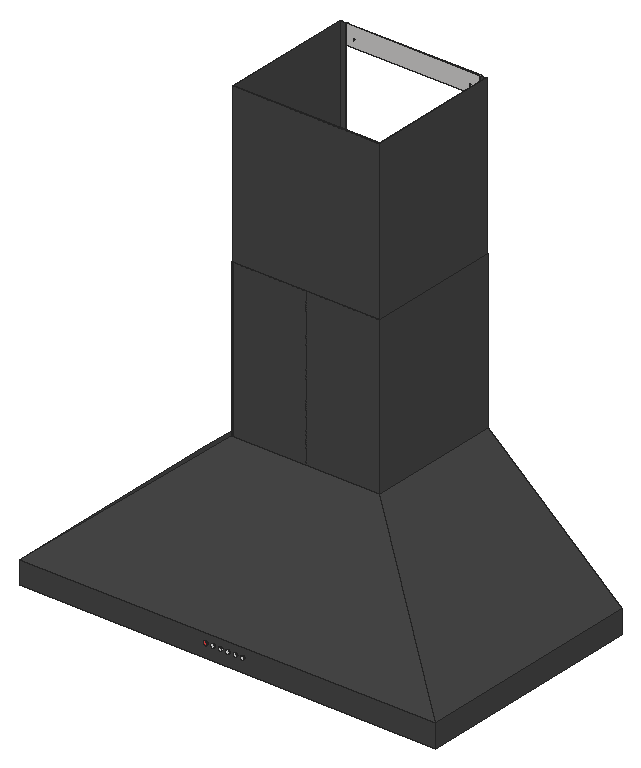
Revit family "FP_Revit_18_HC36PCB1_Rangehood_90001879A", category Specialty Equipment, Revit 2018
Family settings
  Round Connector Dimension = Use Diameter
  Part Type = Normal
  OmniClass Number = 23.40.40.00
  OmniClass Title = Food Service Equipment and Furnishings
  Work Plane-Based = No
  Always vertical = Yes
  Cut with Voids When Loaded = Yes
  Shared = No
  Room Calculation Point = No
Parameters (values of type "HC36PCB1")
  Visibility - Upper Chimney Extension [instance] = yes
  URL = "www.fisherpaykel.com"
  Product - Width = 898 mm  # constant formula
  Product - Height (636mm - 975mm) Ducted [instance] = 975 mm
  Product - Depth = 500 mm  # constant formula
  Model = "HC36PCB1"
  Material - COLOUR CHANGE = Fisher & Paykel - Black
  Material - Buttons and Dials = Fisher & Paykel - Steel, Chrome Plated
  Material - Body = Fisher & Paykel - Stainless Steel
  Manufacturer = "Fisher & Paykel Appliances"
  FFL Offset [instance] = 1565 mm
  Description = "36\" Rangehood"
  Connector Description - Extraction = "6” (152 mm) diameter, rigid or semi-rigid ducting, 600 CFM"
  Connector Description - Electrical = "120 V, 60 Hz"
  Chassis - Width = 320 mm  # constant formula
  Chassis - Height = 298 mm  # constant formula
  Chassis - Depth = 290 mm  # constant formula
Types (5, lengths in mm): name | Model | Material - COLOUR CHANGE
  (no name) | "HC36PCB1" | Fisher & Paykel - Black
  HC36PCB1 | "HC36PCB1" | Fisher & Paykel - Black
  HC36PCR1 | "HC36PCR1" | Fisher & Paykel - Red
  HC36PCX1 | "HC36PCX1" | Fisher & Paykel - Stainless Steel
  HC36PCW1 | "HC36PCW1" | Fisher & Paykel - White
Reference planes
  plane 1 "Datum": y = 0
  plane 2: z = 0
  plane 3 "Center (Left/Right)": x = 0
  plane 4 "Product - Height": z = 2540
  plane 5 "Product LHS": x = -449
  plane 6 "Product RHS": x = 449
  plane 7 "Product - Depth": y = -500
  plane 8 "Cavity LHS": x = -160
  plane 9 "Cavity RHS": x = 160
  plane 10 "Chassis - Depth": y = -290
  plane 11 "FFL Offset": z = 1565
  plane 12 "Chassis - Height": z = 1863
Forms (mm)
  Extrusion 1, solid, material "Fisher & Paykel - Black" <- "Material - COLOUR CHANGE"
    sketch origin (0, 0, 0) x (1, 0, 0) y (0, 1, 0)
      loop
        line (-145, 0) -> (-160, 0) -> (-160, -290) -> (0, -290) -> (160, -290) -> (160, 0) -> (145, 0) -> (145, -1) -> (159, -1) -> (159, -289) -> (-159, -289) -> (-159, -1) -> (-145, -1) -> (-145, 0)
    from 1863 to 2200
  Extrusion 2, solid, material "Fisher & Paykel - Black" <- "Material - COLOUR CHANGE", visible <- "Visibility - Upper Chimney Extension"
    sketch origin (0, 0, 0) x (1, 0, 0) y (0, 1, 0)
      loop
        line (-158, -2) -> (-145, -2) -> (-145, -1) -> (-159, -1) -> (-159, -289) -> (159, -289) -> (159, -1) -> (145, -1) -> (145, -2) -> (158, -2) -> (158, -288.044) -> (-158, -288.044) -> (-158, -2)
    from 2190 to 2540
  Extrusion 3, solid, material "Fisher & Paykel - Stainless Steel" <- "Material - Body"
    sketch origin (0, 0, 0) x (1, 0, 0) y (0, 1, 0)
      loop
        circle (0, -87.6) r 75
      loop
        circle (0, -87.6) r 74
    from 1850 to 1897.007
  Extrusion 4, solid, material "Fisher & Paykel - Stainless Steel" <- "Material - Body", visible <- "Visibility - Upper Chimney Extension"
    sketch origin (0, 0, 7) x (1, 0, 0) y (0, 0, 1)
      loop
        line (-145, 2491.596) -> (145, 2491.596) -> (145, 2533) -> (-145, 2533) -> (-145, 2491.596)
      loop
        circle (125, 2508) r 2.5
      loop
        circle (-125, 2508) r 2.5
    from 0 to 2
  Extrusion 5, solid, material "Fisher & Paykel - Steel, Chrome Plated" <- "Material - Buttons and Dials", detail levels fine
    sketch origin (0, 0, 565) x (1, 0, 0) y (0, 0, 1)
      loop
        circle (-32, 1029.1) r 3.958
      loop
        circle (-16, 1029.1) r 3.958
      loop
        circle (0, 1029.1) r 3.958
      loop
        circle (16, 1029.1) r 3.958
      loop
        circle (32, 1029.1) r 3.958
    from 501 to 500
  Extrusion 6, void
    sketch origin (0, 0, 0) x (1, 0, 0) y (0, 1, 0)
      loop
        line (-427.4, -479.9) -> (427.4, -479.9) -> (427.4, -89.9) -> (-427.4, -89.9) -> (-427.4, -479.9)
      loop
        circle (-207.5, -42) r 25
      loop
        circle (207.5, -42) r 25
    from 1565 to 1574
  Extrusion 7, solid, material "Fisher & Paykel - Stainless Steel" <- "Material - Body", detail levels fine
    sketch origin (0, 0, 0) x (1, 0, 0) y (0, 1, 0)
      loop
        line (142.7, -89.9) -> (142.7, -479.9) -> (427.4, -479.9) -> (427.4, -89.9) -> (142.7, -89.9)
      loop
        line (417.55, -469.9) -> (417.55, -99.9) -> (152.2, -99.9) -> (152.2, -469.9) -> (252.55, -469.9) -> (252.55, -409.9) -> (317.55, -409.9) -> (317.55, -469.9) -> (417.55, -469.9)
      loop
        line (269.45, -428.3) -> (269.45, -468.3) -> (300.65, -468.3) -> (300.65, -428.3) -> (269.45, -428.3)
      loop
        line (274.65, -433.5) -> (274.65, -463.1) -> (295.45, -463.1) -> (295.45, -433.5) -> (274.65, -433.5)
      loop
        line (274.85, -442.6) -> (274.85, -462.9) -> (295.25, -462.9) -> (295.25, -442.6) -> (274.85, -442.6)
      loop
        line (-142.7, -89.9) -> (-427.4, -89.9) -> (-427.4, -479.9) -> (-142.7, -479.9) -> (-142.7, -89.9)
      loop
        line (-417.55, -469.9) -> (-317.55, -469.9) -> (-317.55, -409.9) -> (-252.55, -409.9) -> (-252.55, -469.9) -> (-152.2, -469.9) -> (-152.2, -99.9) -> (-417.55, -99.9) -> (-417.55, -469.9)
      loop
        line (-269.45, -428.3) -> (-300.65, -428.3) -> (-300.65, -468.3) -> (-269.45, -468.3) -> (-269.45, -428.3)
      loop
        line (-274.65, -433.5) -> (-295.45, -433.5) -> (-295.45, -463.1) -> (-274.65, -463.1) -> (-274.65, -433.5)
      loop
        line (-274.85, -442.6) -> (-295.25, -442.6) -> (-295.25, -462.9) -> (-274.85, -462.9) -> (-274.85, -442.6)
      loop
        line (-142.35, -89.9) -> (-142.35, -479.9) -> (142.35, -479.9) -> (142.35, -89.9) -> (-142.35, -89.9)
      loop
        line (132.5, -469.9) -> (132.5, -99.9) -> (-132.85, -99.9) -> (-132.85, -469.9) -> (-32.5, -469.9) -> (-32.5, -409.9) -> (32.5, -409.9) -> (32.5, -469.9) -> (132.5, -469.9)
      loop
        line (-15.6, -428.3) -> (-15.6, -468.3) -> (15.6, -468.3) -> (15.6, -428.3) -> (-15.6, -428.3)
      loop
        line (-10.4, -433.5) -> (-10.4, -463.1) -> (10.4, -463.1) -> (10.4, -433.5) -> (-10.4, -433.5)
      loop
        line (-10.2, -442.6) -> (-10.2, -462.9) -> (10.2, -462.9) -> (10.2, -442.6) -> (-10.2, -442.6)
      loop
        line (268.45, -427.3) -> (268.45, -469.3) -> (301.65, -469.3) -> (301.65, -427.3) -> (268.45, -427.3)
      loop
        line (-16.6, -427.3) -> (-16.6, -469.3) -> (16.6, -469.3) -> (16.6, -427.3) -> (-16.6, -427.3)
      loop
        line (-268.45, -427.3) -> (-301.65, -427.3) -> (-301.65, -469.3) -> (-268.45, -469.3) -> (-268.45, -427.3)
    from 1566 to 1574
  Extrusion 8, solid, material "Fisher & Paykel - Aluminium", detail levels medium+fine
    sketch origin (0, 0, 0) x (1, 0, 0) y (0, 1, 0)
      loop
        line (152.2, -99.9) -> (152.2, -469.9) -> (252.55, -469.9) -> (252.55, -409.9) -> (317.55, -409.9) -> (317.55, -469.9) -> (417.55, -469.9) -> (417.55, -99.9) -> (152.2, -99.9)
      loop
        line (-152.2, -99.9) -> (-417.55, -99.9) -> (-417.55, -469.9) -> (-317.55, -469.9) -> (-317.55, -409.9) -> (-252.55, -409.9) -> (-252.55, -469.9) -> (-152.2, -469.9) -> (-152.2, -99.9)
      loop
        line (-132.675, -99.9) -> (-132.675, -469.9) -> (-32.325, -469.9) -> (-32.325, -409.9) -> (32.675, -409.9) -> (32.675, -469.9) -> (132.675, -469.9) -> (132.675, -99.9) -> (-132.675, -99.9)
    from 1566 to 1574
  Extrusion 9, void
    sketch origin (0, 0, 0) x (1, 0, 0) y (0, 0, 1)
      loop
        line (-449, 1863) -> (-449, 1615) -> (-160, 1863) -> (-449, 1863)
      loop
        line (449, 1863) -> (160, 1863) -> (449, 1615) -> (449, 1863)
    from 0 to 500
  Extrusion 10, solid, material "Fisher & Paykel - Black" <- "Material - COLOUR CHANGE"
    sketch origin (0, 0, 0) x (0, 1, 0) y (0, 0, 1)
      loop
        line (-500, 1565) -> (0, 1565) -> (0, 1863) -> (-290, 1863) -> (-500, 1615) -> (-500, 1565)
    from -449 to 449
  Extrusion 11, solid, material "Fisher & Paykel - Stainless Steel" <- "Material - Body", detail levels medium+fine
    sketch origin (0, 0, 0) x (1, 0, 0) y (0, 1, 0)
      loop
        circle (90.933, -33) r 3
    from 1897.007 to 1850
  Extrusion 12, solid, material "Fisher & Paykel - Steel, Chrome Plated" <- "Material - Buttons and Dials", detail levels medium+fine
    sketch origin (0, 0, 0) x (1, 0, 0) y (0, 1, 0)
      loop
        circle (-207.5, -42) r 25
      loop
        circle (-207.5, -42) r 22
      loop
        circle (207.5, -42) r 25
      loop
        circle (207.5, -42) r 22
    from 1565 to 1574
  Extrusion 13, solid, material "Fisher & Paykel - White Bezel", detail levels fine
    sketch origin (0, 0, 0) x (1, 0, 0) y (0, 1, 0)
      loop
        circle (-207.5, -42) r 22
      loop
        circle (207.5, -42) r 22
    from 1565 to 1574
  Extrusion 14, void
    sketch origin (0, 0, 0) x (1, 0, 0) y (0, 0, 1)
      loop
        circle (254, 1612) r 2.5
      loop
        circle (125, 1859) r 2.5
      loop
        circle (-254, 1610) r 2.5
      loop
        circle (-125, 1859) r 2.5
    from 0 to 7
  Extrusion 15, solid, material "Fisher & Paykel - Stainless Steel" <- "Material - Body"
    sketch origin (0, 0, 0) x (1, 0, 0) y (0, 0, 1)
      loop
        line (-145, 2183) -> (-145, 2143) -> (145, 2143) -> (145, 2183) -> (-145, 2183)
      loop
        circle (125, 2161) r 2.5
      loop
        circle (-125, 2161) r 2.5
    from 0 to 2
  Extrusion 16, void
    sketch origin (0, 0, 0) x (1, 0, 0) y (0, 1, 0)
      loop
        line (-159, -289) -> (159, -289) -> (159, -2) -> (-159, -2) -> (-159, -289)
    from 1850 to 1863
  Extrusion 17, solid, material "Fisher & Paykel - Bezel Red", detail levels fine
    sketch origin (0, 0, 0) x (1, 0, 0) y (0, 0, 1)
      loop
        circle (-48, 1594.1) r 4.044
    from 500 to 501
Cuts and joins
  Extrusion 6, Extrusion 9, Extrusion 14, Extrusion 16 cuts Extrusion 10
  joined: Extrusion 1, Extrusion 10
  Extrusion 14 cuts Extrusion 4
  Extrusion 14 cuts Extrusion 15
Text (mm)
  text "Due to ongoing product development, product details are subject to change without notice. \nPlease always refer to www.fisherpaykel.com for the most current product information. \n© Fisher & Paykel 2020" at (41.04, -1225.549, 0), in view "Ref. Level (Plan)"
Dimensions and locks
  equal spacing: plane 5 "Product LHS", plane 3 "Center (Left/Right)", plane 6 "Product RHS"
  equal spacing: plane 8 "Cavity LHS", plane 3 "Center (Left/Right)", plane 9 "Cavity RHS"
  "Chassis - Width": plane 8 "Cavity LHS" to plane 9 "Cavity RHS"
  locked: Extrusion 1 sketch curve to Extrusion 1 sketch curve at 1  (x3)
  "FFL Offset": plane 11 "FFL Offset" to level
  "Product - Height (636mm - 975mm) Ducted": plane 4 "Product - Height" to plane 11 "FFL Offset"
  locked: Extrusion 8 to plane 11 "FFL Offset" at 9
  locked: Extrusion 7 to plane 11 "FFL Offset" at 1
  locked: Extrusion 1 to plane 11 "FFL Offset" at 635
  "Chassis - Depth": plane 10 "Chassis - Depth" to plane 1 "Datum"
  "Product - Width": plane 5 "Product LHS" to plane 6 "Product RHS"
  "Product - Depth": plane 1 "Datum" to plane 7 "Product - Depth"
  "Chassis - Height": plane 12 "Chassis - Height" to plane 11 "FFL Offset"
  locked: plane 11 "FFL Offset" to Extrusion 14 sketch curve at 294
  locked: plane 4 "Product - Height" to Extrusion 2 at 350
  locked: Extrusion 3 to plane 11 "FFL Offset" at 332.007
  locked: plane 11 "FFL Offset" to cut or joined group of Extrusion 1, Extrusion 6, Extrusion 9, Extrusion 10, Extrusion 14, Extrusion 16 at 285
  locked: plane 11 "FFL Offset" to cut or joined group of Extrusion 14, Extrusion 15 at 596
  locked: plane 11 "FFL Offset" to cut or joined group of Extrusion 14, Extrusion 15 at 618
  locked: plane 11 "FFL Offset" to cut or joined group of Extrusion 14, Extrusion 15 at 578
  cut or joined group of Extrusion 4, Extrusion 14 to plane 4 "Product - Height" = 41.404 mm
  locked: cut or joined group of Extrusion 4, Extrusion 14 to plane 4 "Product - Height" at 25
  locked: plane 11 "FFL Offset" to cut or joined group of Extrusion 1, Extrusion 6, Extrusion 9, Extrusion 10, Extrusion 14, Extrusion 16 at 294
  locked: plane 11 "FFL Offset" to Extrusion 14 sketch curve at 47
  locked: plane 11 "FFL Offset" to cut or joined group of Extrusion 1, Extrusion 6, Extrusion 9, Extrusion 10, Extrusion 14, Extrusion 16 at 47
  aligned and locked: level to plane 2
  aligned and locked: Extrusion 1 sketch curve to plane 8 "Cavity LHS"
  aligned and locked: plane 9 "Cavity RHS" to Extrusion 1 sketch curve
  aligned and locked: plane 10 "Chassis - Depth" to Extrusion 1 sketch curve
  aligned and locked: plane 4 "Product - Height" to Extrusion 2
  aligned and locked: Extrusion 10 to plane 6 "Product RHS"
  aligned and locked: plane 5 "Product LHS" to Extrusion 10
  aligned and locked: Extrusion 7 to Extrusion 8  (x2)
  aligned and locked: Extrusion 6 to Extrusion 7
  aligned and locked: cut or joined group of Extrusion 1, Extrusion 6, Extrusion 9, Extrusion 10, Extrusion 14, Extrusion 16 to plane 11 "FFL Offset"
  aligned and locked: Extrusion 12 to Extrusion 7
  aligned and locked: Extrusion 13 to Extrusion 7
  aligned and locked: Extrusion 13 to plane 11 "FFL Offset"
  aligned and locked: Extrusion 12 to plane 11 "FFL Offset"
  aligned and locked: plane 4 "Product - Height" to Extrusion 4
  aligned and locked: Extrusion 1 to plane 12 "Chassis - Height"
  aligned and locked: plane 7 "Product - Depth" to Extrusion 5
  aligned and locked: plane 7 "Product - Depth" to Extrusion 17
  aligned and locked: Extrusion 16 to Extrusion 1
  aligned and locked: cut or joined group of Extrusion 1, Extrusion 6, Extrusion 9, Extrusion 10, Extrusion 14, Extrusion 16 to Extrusion 3
  aligned and locked: Extrusion 3 to Extrusion 11
  aligned and locked: cut or joined group of Extrusion 1, Extrusion 6, Extrusion 9, Extrusion 10, Extrusion 14, Extrusion 16 to Extrusion 11
  aligned and locked: cut or joined group of Extrusion 4, Extrusion 14 to Extrusion 2
  aligned and locked: cut or joined group of Extrusion 14, Extrusion 15 to Extrusion 2
Automatic sketch dimensions
  Extrusion 2 sketch curve to plane 8 "Cavity LHS" = 1 mm
  Extrusion 2 sketch curve to Extrusion 2 sketch curve = 1 mm
  plane 1 "Datum" to Extrusion 2 sketch curve = 2 mm  (x2)
  Extrusion 2 sketch curve to Extrusion 2 sketch curve = 13 mm
  plane 9 "Cavity RHS" to Extrusion 2 sketch curve = 15 mm
  plane 9 "Cavity RHS" to Extrusion 2 sketch curve = 2 mm
  plane 9 "Cavity RHS" to Extrusion 2 sketch curve = 1 mm
  plane 10 "Chassis - Depth" to Extrusion 2 sketch curve = 1.956 mm
  plane 10 "Chassis - Depth" to Extrusion 2 sketch curve = 1 mm
  plane 1 "Datum" to Extrusion 2 sketch curve = 1 mm  (x2)
  Extrusion 4 sketch curve to plane 4 "Product - Height" = 0 mm
  Extrusion 4 sketch curve to plane 8 "Cavity LHS" = 15 mm
  Extrusion 4 sketch curve to plane 8 "Cavity LHS" = 35 mm
  plane 9 "Cavity RHS" to Extrusion 4 sketch curve = 35 mm
  plane 9 "Cavity RHS" to Extrusion 4 sketch curve = 15 mm
  Extrusion 4 sketch curve to plane 4 "Product - Height" = 25 mm  (x2)
  Extrusion 4 sketch curve to Extrusion 4 sketch curve = 16.404 mm
  Extrusion 6 sketch curve to plane 5 "Product LHS" = 21.6 mm
  plane 8 "Cavity LHS" to Extrusion 6 sketch curve = 47.5 mm
  Extrusion 6 sketch curve to plane 9 "Cavity RHS" = 47.5 mm
  plane 6 "Product RHS" to Extrusion 6 sketch curve = 21.6 mm
  plane 7 "Product - Depth" to Extrusion 6 sketch curve = 20.1 mm
  plane 1 "Datum" to Extrusion 6 sketch curve = 89.9 mm
  plane 1 "Datum" to Extrusion 6 sketch curve = 42 mm  (x2)
  plane 9 "Cavity RHS" to Extrusion 11 sketch curve = 69.067 mm
  plane 10 "Chassis - Depth" to Extrusion 11 sketch curve = 257 mm
  Extrusion 12 sketch curve to Extrusion 12 sketch curve = 0 mm  (x4)
  plane 8 "Cavity LHS" to Extrusion 12 sketch curve = 47.5 mm
  Extrusion 12 sketch curve to plane 9 "Cavity RHS" = 47.5 mm
  plane 1 "Datum" to Extrusion 12 sketch curve = 42 mm  (x2)
  plane 8 "Cavity LHS" to Extrusion 13 sketch curve = 47.5 mm
  Extrusion 13 sketch curve to plane 9 "Cavity RHS" = 47.5 mm
  plane 1 "Datum" to Extrusion 13 sketch curve = 42 mm  (x2)
  plane 11 "FFL Offset" to Extrusion 14 sketch curve = 45 mm
  plane 8 "Cavity LHS" to Extrusion 14 sketch curve = 94 mm
  Extrusion 14 sketch curve to plane 12 "Chassis - Height" = 4 mm
  Extrusion 14 sketch curve to plane 8 "Cavity LHS" = 35 mm
  plane 9 "Cavity RHS" to Extrusion 14 sketch curve = 35 mm
  Extrusion 14 sketch curve to plane 9 "Cavity RHS" = 94 mm
  Extrusion 15 sketch curve to plane 8 "Cavity LHS" = 15 mm
  Extrusion 15 sketch curve to plane 8 "Cavity LHS" = 35 mm
  plane 9 "Cavity RHS" to Extrusion 15 sketch curve = 35 mm
  plane 9 "Cavity RHS" to Extrusion 15 sketch curve = 15 mm
  plane 12 "Chassis - Height" to Extrusion 15 sketch curve = 280 mm
  Extrusion 15 sketch curve to Extrusion 15 sketch curve = 18 mm  (x2)
  Extrusion 15 sketch curve to Extrusion 15 sketch curve = 22 mm
  plane 1 "Datum" to Extrusion 1 sketch curve = 0 mm  (x2)
  Extrusion 1 sketch curve to plane 3 "Center (Left/Right)" = 0 mm
  plane 1 "Datum" to Extrusion 1 sketch curve = 1 mm  (x2)
  Extrusion 1 sketch curve to Extrusion 1 sketch curve = 14 mm  (x2)
  Extrusion 10 sketch curve to plane 7 "Product - Depth" = 0 mm
  Extrusion 10 sketch curve to plane 12 "Chassis - Height" = 0 mm
  Extrusion 10 sketch curve to plane 10 "Chassis - Depth" = 0 mm
  Extrusion 10 sketch curve to plane 1 "Datum" = 0 mm
  Extrusion 10 sketch curve to plane 11 "FFL Offset" = 0 mm
  Extrusion 10 sketch curve to Extrusion 10 sketch curve = 50 mm
  plane 5 "Product LHS" to Extrusion 9 sketch curve = 0 mm
  plane 8 "Cavity LHS" to Extrusion 9 sketch curve = 0 mm
  plane 9 "Cavity RHS" to Extrusion 9 sketch curve = 0 mm
  plane 6 "Product RHS" to Extrusion 9 sketch curve = 0 mm
  Extrusion 9 sketch curve to plane 12 "Chassis - Height" = 0 mm  (x2)
  plane 11 "FFL Offset" to Extrusion 9 sketch curve = 50 mm  (x2)
  Extrusion 5 sketch curve to plane 3 "Center (Left/Right)" = 0 mm
  Extrusion 5 sketch curve to plane 3 "Center (Left/Right)" = 16 mm
  Extrusion 5 sketch curve to Extrusion 5 sketch curve = 16 mm  (x3)
  plane 11 "FFL Offset" to Extrusion 5 sketch curve = 29.1 mm
  Extrusion 5 sketch curve to Extrusion 5 sketch curve = 0 mm  (x4)
  Extrusion 17 sketch curve to plane 3 "Center (Left/Right)" = 48 mm
  plane 11 "FFL Offset" to Extrusion 17 sketch curve = 29.1 mm
  Extrusion 7 sketch curve to plane 5 "Product LHS" = 21.6 mm
  Extrusion 7 sketch curve to Extrusion 7 sketch curve = 9.85 mm  (x3)
  plane 7 "Product - Depth" to Extrusion 7 sketch curve = 30.1 mm  (x4)
  Extrusion 7 sketch curve to Extrusion 7 sketch curve = 100 mm
  Extrusion 7 sketch curve to Extrusion 7 sketch curve = 16.9 mm  (x5)
  Extrusion 7 sketch curve to Extrusion 7 sketch curve = 5.2 mm  (x12)
  Extrusion 7 sketch curve to Extrusion 7 sketch curve = 0.2 mm  (x9)
  Extrusion 7 sketch curve to Extrusion 7 sketch curve = 20.4 mm  (x2)
  Extrusion 7 sketch curve to plane 8 "Cavity LHS" = 7.8 mm
  Extrusion 7 sketch curve to Extrusion 7 sketch curve = 9.5 mm  (x2)
  Extrusion 7 sketch curve to Extrusion 7 sketch curve = 0.35 mm  (x2)
  Extrusion 7 sketch curve to plane 3 "Center (Left/Right)" = 32.5 mm
  Extrusion 7 sketch curve to plane 3 "Center (Left/Right)" = 15.6 mm
  plane 3 "Center (Left/Right)" to Extrusion 7 sketch curve = 10.2 mm
  plane 9 "Cavity RHS" to Extrusion 7 sketch curve = 27.5 mm
  plane 9 "Cavity RHS" to Extrusion 7 sketch curve = 7.8 mm
  Extrusion 7 sketch curve to plane 9 "Cavity RHS" = 92.55 mm
  plane 6 "Product RHS" to Extrusion 7 sketch curve = 31.45 mm
  Extrusion 7 sketch curve to Extrusion 7 sketch curve = 0 mm  (x3)
  Extrusion 7 sketch curve to Extrusion 7 sketch curve = 10 mm  (x5)
  plane 7 "Product - Depth" to Extrusion 7 sketch curve = 20.1 mm
  Extrusion 7 sketch curve to Extrusion 7 sketch curve = 1.6 mm  (x3)
  Extrusion 7 sketch curve to Extrusion 7 sketch curve = 20.3 mm  (x3)
  Extrusion 7 sketch curve to Extrusion 7 sketch curve = 9.1 mm  (x3)
  Extrusion 7 sketch curve to Extrusion 7 sketch curve = 18.4 mm  (x3)
  plane 1 "Datum" to Extrusion 7 sketch curve = 99.9 mm  (x2)
  Extrusion 8 sketch curve to plane 5 "Product LHS" = 31.45 mm
  plane 7 "Product - Depth" to Extrusion 8 sketch curve = 30.1 mm  (x4)
  Extrusion 8 sketch curve to Extrusion 8 sketch curve = 100 mm
  Extrusion 8 sketch curve to Extrusion 8 sketch curve = 65 mm  (x2)
  Extrusion 8 sketch curve to plane 8 "Cavity LHS" = 7.8 mm
  Extrusion 8 sketch curve to Extrusion 8 sketch curve = 19.525 mm
  Extrusion 8 sketch curve to plane 3 "Center (Left/Right)" = 32.325 mm
  plane 3 "Center (Left/Right)" to Extrusion 8 sketch curve = 32.675 mm
  plane 9 "Cavity RHS" to Extrusion 8 sketch curve = 27.325 mm
  plane 9 "Cavity RHS" to Extrusion 8 sketch curve = 7.8 mm
  Extrusion 8 sketch curve to plane 9 "Cavity RHS" = 92.55 mm
  plane 6 "Product RHS" to Extrusion 8 sketch curve = 31.45 mm
  Extrusion 8 sketch curve to Extrusion 8 sketch curve = 0 mm  (x3)
  Extrusion 8 sketch curve to Extrusion 8 sketch curve = 60 mm  (x3)
  plane 1 "Datum" to Extrusion 8 sketch curve = 99.9 mm  (x2)
  Extrusion 3 sketch curve to Extrusion 3 sketch curve = 0 mm  (x2)
  plane 1 "Datum" to Extrusion 3 sketch curve = 87.6 mm
  plane 6 "Product RHS" to Extrusion 3 sketch curve = 449 mm
  plane 1 "Datum" to Extrusion 16 sketch curve = 2 mm
  Extrusion 16 sketch curve to plane 8 "Cavity LHS" = 1 mm
  plane 9 "Cavity RHS" to Extrusion 16 sketch curve = 1 mm
  plane 10 "Chassis - Depth" to Extrusion 16 sketch curve = 1 mm
  Extrusion 7 sketch curve to Extrusion 7 sketch curve = 1 mm  (x12)
  radius of Extrusion 4 sketch curve = 2.5 mm  (x2)
  radius of Extrusion 6 sketch curve = 25 mm  (x2)
  radius of Extrusion 11 sketch curve = 3 mm
  radius of Extrusion 12 sketch curve = 25 mm  (x2)
  radius of Extrusion 12 sketch curve = 22 mm  (x2)
  radius of Extrusion 13 sketch curve = 22 mm  (x2)
  radius of Extrusion 14 sketch curve = 2.5 mm  (x4)
  radius of Extrusion 15 sketch curve = 2.5 mm  (x2)
  radius of Extrusion 5 sketch curve = 3.958 mm  (x5)
  radius of Extrusion 17 sketch curve = 4.044 mm
  radius of Extrusion 3 sketch curve = 75 mm
  radius of Extrusion 3 sketch curve = 74 mm
Connectors
  hvac at (0, -87.6, 1897.007), driven by "Connector Description - Extraction"
    settings: on Extrusion 3, index 1, duct flow 0.0 L/s, flow factor 0, pres drop 0.0 Pa, loss coef 0, conn angle 0.00°, conn width 304.8 mm, conn height 304.8 mm, conn diameter 150 mm, duct sys type 4, conn prof type 0, flow config 0, flow direction 2, loss method 0, conn ref index -1, conn util no, is conn primary yes, conn desc "6” (152 mm) diameter, rigid or semi-rigid ducting, 600 CFM"
  electrical at (90.933, -33, 1850), driven by "Connector Description - Electrical"
    settings: on Extrusion 11, index 2, voltage 120 V, apparent load 0 VA, apparent load phase1 0 VA, apparent load phase2 0 VA, apparent load phase3 0 VA, power factor 1, load classification "Other", number of poles 1, system type 30, power factor state 1, is connector primary yes, connector utility no, sub classification motor no, connector description "120 V, 60 Hz"
